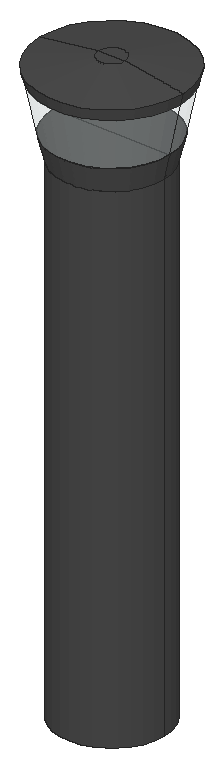
Revit family "CircLED Bollard - Generic", category Lighting Fixtures, Revit 2014
Parameters (values of type "CircLED Bollard")
  Wattage Comments = ""
  WarrantyGuarantorParts = "n/a"
  WarrantyDurationParts = "n/a"
  WarrantyDescription = "n/a"
  Visible [instance] = yes
  Version = "v.1.0"
  Uniclass2 = "Pr_70_70_49_43 Light-Emitting Diode (LED) Luminaires"
  Uniclass 1.4 = "JY73"
  URL = "http://riegens.com/circled-bollard"
  Type Mark = ""
  TotalWattage = "Max. 16W"
  TagNumber = "n/a"
  Switch ID [instance] = ""
  SustainabilityPerformance = "n/a"
  SupplyCircuitConductorConnections = "n/a"
  Size = "Ø220 mm"
  Shape = "Circle"
  ProductInformation = "http://riegens.com/circled-bollard"
  PhotometricPerformance = "In accordance with BS EN 13032-1"
  PhaseReference = "IEC recommendations"
  Panel [instance] = ""
  Optic = "Mirror matt / Satin matt / Soft optic"
  OmniClass Title = "Lighting"
  OmniClass Number = "23.80.70.00"
  NominalVoltage = "220-240V"
  Moves With Nearby Elements [instance] = no
  ModelReference = "CircLED Bollard"
  Model = "CircLED Bollard"
  Material = "Aluminium and PC"
  Mark [instance] = "1"
  ManufacturersSpecificInformation = "n/a"
  ManufacturerURL = "www.riegens.com"
  Manufacturer = "Riegens A/S"
  LuminaireType = "Outdoor Indirect LED Luminaire"
  LuminairePowerFactor = ">0,9"
  LightSource = "LED 3000K"
  LightFixturePlacingType = "Other"
  LightFixtureMountingType = "Surface"
  Light Source Definition (family) = "Point+Spherical"
  LampType = "LED"
  LampRating = "16W "
  LampColourRenderingIndex = "Ra>80"
  Lamp = ""
  InternalFuse = "Only required in emergency versions"
  InsulationStandardClass = "Class 1 / Class 2"
  IfcExportType = "NOTDEFINED'"
  IfcExportAs = "IfcLightFixtureType'"
  IP_Code = "IP54"
  Host [instance] = "None"
  Height 2 = 140 mm
  Height 1 = 900 mm
  HasProtectiveEarth = "TRUE"
  Grade = "n/a"
  Finish = "Powder coated"
  Features = "n/a"
  Electrical Data [instance] = ""
  Documentation = "See URL hyperlink"
  DocumentReference = "See URL hyperlink"
  Diameter 2 = 220 mm
  Diameter 1 = 160 mm
  Description = "70-80-35 General Lighting Systems"
  ControlGearPosition = "Integrated "
  Constituents = "n/a"
  Comments [instance] = ""
  Colour = "Black"
  built-in parameter 1114216 [instance] = (empty or 0)
  CodePerformance = "n/a"
  Clearance Zones = yes
  Circuit Number [instance] = ""
  built-in parameter 1140040 [instance] = (empty or 0)
  CCSTopnode = "L"
  CCSClassName = "Belysningsarmatur"
  CCSClassCode = "UAC"
  BarCode = "n/a"
  BallastsCELMAEnergyEfficiencyIndex = "Class A1/A2"
  BSAB 96 = "SNB.2"
  BIMObjectName = "CircLED Bollard.rfa"
  Author = "3dbyggeri"
  AssetType = "Moveable/Fixed"
  AssetIdentifier = "n/a"
  Assembly Description = ""
  Assembly Code = ""
  ArticleNumber = "See URL hyperlink"
  Apparent Load = 240 VA
  AccessibilityPerformance = "n/a"
Reference planes
  plane 1 "Center (Front/Back)": y = 0
  plane 2: z = 0
  plane 3 "Center (Left/Right)": x = 0
  plane 4: z = 871
Dimensions and locks
  aligned and locked: level to plane 2
  aligned and locked: plane 4 to nested 1
Nested families
  nested 1: "CircLED Bollard- Dummy" at (0, 0, 0), type "Standard"
Definition of nested family "CircLED Bollard- Dummy"
  Parameters (values of type "Standard")
    Wattage = 16 W
    built-in parameter 1150110 = 1 (stored number, unit not read)
    URL = ""
    built-in parameter 1114217 = 1 (stored number, unit not read)
    Tilt Angle = 90.00°
    built-in parameter 1150109 = 1 (stored number, unit not read)
    built-in parameter 1150134 = (empty or 0)
    built-in parameter 1150113 = 1 (stored number, unit not read)
    PhotometricPerformance = "In accordance with BS EN 13032-1"
    Photometric Web File = "CircLED Bollard 16W 3000K Miirrormatt finish reflector Black structure IP54.ies"
    Optic = "Mirror matt / Satin matt / Soft optic"
    Model = ""
    Material = "Aluminium and PC"
    Manufacturer = ""
    Lumens = 592 lm
    built-in parameter 1150115 = 1 (stored number, unit not read)
    built-in parameter 1150105 = 47.11 (stored number, unit not read)
    LightSource = "LED 3000K"
    built-in parameter 1150137 = (empty or 0)
    built-in parameter 1150139 = (empty or 0)
    LampColourRenderingIndex = "Ra>80"
    built-in parameter 1150112 = 1 (stored number, unit not read)
    built-in parameter 1150114 = 1 (stored number, unit not read)
    built-in parameter 1150132 = (empty or 0)
    built-in parameter 1150102 = (empty or 0)
    built-in parameter 1150138 = (empty or 0)
    built-in parameter 1150107 = 3000 (stored number, unit not read)
    built-in parameter 1150106 = 0.4711 (stored number, unit not read)
    Height 2 = 140 mm
    Height 1 = 900 mm
    Frame = Riegens_Aluminum_powder coated black
    Finish = "Powder coated"
    built-in parameter 1150104 = 3.4374 (stored number, unit not read)
    Dimming Lamp Color Temperature Shift = (empty or 0)
    Diameter 2 = 220 mm
    Diameter 1 = 160 mm
    Description = ""
    Colour = "Black"
    Color Filter = 16777215
    built-in parameter 1114218 = 1 (stored number, unit not read)
    built-in parameter 1150133 = 10 (stored number, unit not read)
    Apparent Load = 240 VA
  Reference planes
    plane 1 "Light Source Axis (F/B)": y = 0
    plane 2: z = 0
    plane 3 "Light Source Axis (L/R)": x = 0
    plane 4 "Light Source Elevation": z = 840
    plane 5: z = 760
    plane 6: z = 900
    plane 7: x = -80
    plane 8: x = 80
    plane 9: x = 110
    plane 10: x = -110
    plane 11: z = 796
    plane 12: z = 871
    plane 13: z = 887
    plane 14: through (111.665, -5000, 887) normal (-0.1406, 0, -0.9901)
  Forms (mm)
    Extrusion 1, solid, material "Riegens_Aluminum_powder coated black" <- "Frame"
      sketch origin (0, 0, 0) x (1, 0, 0) y (0, 1, 0)
        loop
          circle (0, 0) r 80
      from 0 to 760
    Revolve 2, solid, material "Riegens_Aluminum_powder coated black" <- "Frame"
      sketch origin (0, 0, 0) x (1, 0, 0) y (0, 0, 1)
        loop
          line (0, 760) -> (80, 760) -> (88.976, 796) -> (0, 796) -> (0, 760)
        axis (0, 796) -> (0, 760)
      angle from 0 to 360
    Revolve 3, solid, material "Riegens_Aluminum_powder coated black" <- "Frame"
      sketch origin (0, 0, 0) x (1, 0, 0) y (0, 0, 1)
        loop
          line (0, 871) -> (105.242, 871) -> (112.472, 900) -> (0, 900) -> (0, 871)
        axis (0, 900) -> (0, 871)
      angle from 0 to 360
    Revolve 4, void
      sketch origin (0, 0, 0) x (1, 0, 0) y (0, 0, 1)
        loop
          line (111.665, 887) -> (112.472, 900) -> (20.127, 900) -> (111.665, 887)
        axis (0, 900) -> (0, 887)
      angle from 0 to 360
    Revolve 5, solid, material "Riegens_Glass_opal"
      sketch origin (0, 0, 0) x (1, 0, 0) y (0, 0, 1)
        loop
          line (0, 871) -> (0, 796) -> (88.976, 796) -> (105.242, 871) -> (0, 871)
        axis (0, 871) -> (0, 796)
      angle from 0 to 360
  Cuts and joins
    Revolve 4 cuts Revolve 3
  Dimensions and locks
    "Height 1": plane 6 to plane 2
    "Height 2": plane 6 to plane 5
    "Diameter 1": plane 7 to plane 8
    equal spacing: plane 10, plane 3 "Light Source Axis (L/R)", plane 9
    "Diameter 2": plane 10 to plane 9
    locked: plane 6 to plane 4 "Light Source Elevation" at 60
    locked: plane 11 to plane 5 at 36
    locked: plane 6 to plane 13 at 13
    locked: plane 6 to plane 12 at 29
    aligned and locked: plane 3 "Light Source Axis (L/R)" to imposter light
    aligned and locked: plane 1 "Light Source Axis (F/B)" to imposter light
    aligned and locked: plane 4 "Light Source Elevation" to imposter light
    aligned and locked: level to plane 2
    aligned and locked: Extrusion 1 to plane 5
    aligned and locked: Extrusion 1 to plane 2
    aligned and locked: Revolve 2 sketch curve to plane 3 "Light Source Axis (L/R)"
    aligned and locked: plane 5 to Revolve 2 sketch curve
    aligned and locked: plane 11 to Revolve 2 sketch curve
    aligned and locked: Revolve 3 sketch curve to plane 3 "Light Source Axis (L/R)"
    aligned and locked: plane 12 to Revolve 3 sketch curve
    aligned and locked: Revolve 3 sketch curve to plane 6
    aligned and locked: Revolve 4 sketch curve to plane 14
    aligned and locked: plane 6 to Revolve 4 sketch curve
    aligned and locked: Revolve 5 sketch curve to plane 12
    aligned and locked: plane 11 to Revolve 5 sketch curve
    aligned and locked: Revolve 5 sketch curve to plane 3 "Light Source Axis (L/R)"
  Automatic sketch dimensions
    plane 1 "Light Source Axis (F/B)" to Extrusion 1 sketch curve = 0 mm
    Extrusion 1 sketch curve to plane 3 "Light Source Axis (L/R)" = 0 mm
    Revolve 2 sketch curve to plane 3 "Light Source Axis (L/R)" = 0 mm
    plane 8 to Revolve 2 sketch curve = 0 mm
    Revolve 2 sketch curve to Revolve 2 sketch curve = 8.976 mm
    Revolve 2 sketch curve to Revolve 2 sketch curve = 225 mm
    Revolve 2 sketch curve to plane 6 = 55 mm
    Revolve 3 sketch curve to plane 3 "Light Source Axis (L/R)" = 0 mm
    plane 5 to Revolve 3 sketch curve = 75.409 mm
    Revolve 3 sketch curve to plane 6 = 52.185 mm
    Revolve 4 sketch curve to plane 3 "Light Source Axis (L/R)" = 0 mm
    plane 5 to Revolve 4 sketch curve = 20.384 mm
    Revolve 4 sketch curve to plane 6 = 26.298 mm
    Revolve 5 sketch curve to plane 3 "Light Source Axis (L/R)" = 0 mm
    plane 5 to Revolve 5 sketch curve = 44 mm
    Revolve 5 sketch curve to plane 6 = 36 mm
    plane 9 to Revolve 3 sketch curve = 4.758 mm
    Revolve 3 sketch curve to plane 9 = 2.472 mm
    Revolve 4 sketch curve to plane 13 = 0 mm
    Revolve 4 sketch curve to plane 9 = 2.472 mm
    Revolve 5 sketch curve to plane 8 = 8.976 mm
    plane 9 to Revolve 5 sketch curve = 4.758 mm
    radius of Extrusion 1 sketch curve = 80 mm
  Connectors
    electrical at (0, 0, 0)
      settings: index 1, voltage 0 V, apparent load 0 VA, apparent load phase1 0 VA, apparent load phase2 0 VA, apparent load phase3 0 VA, power factor 1, load classification "Other", number of poles 1, system type 31, power factor state 1, is connector primary yes, connector utility no, sub classification motor no, connector description ""
